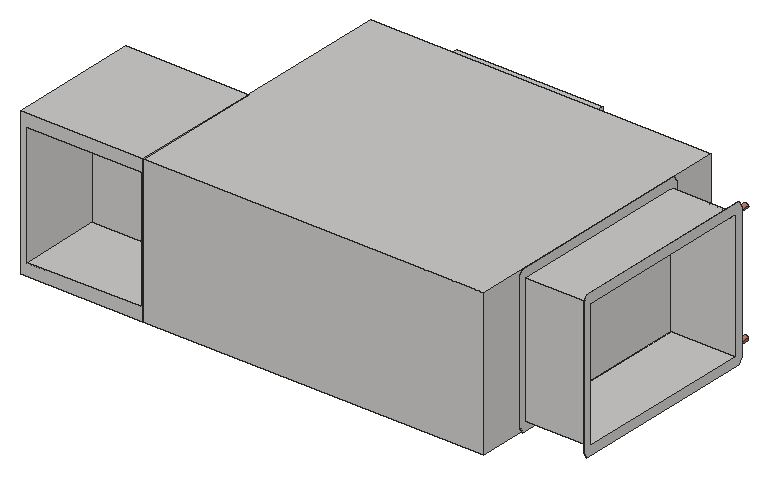
Revit family
Parameters
  Width = 3' - 3"
  Voltage = 277 V
  Unit Weight = if(Number of Rows = 1, "272.0 lbs", if(Number of Rows = 2, "277.0 lbs", "0"))  # "272.0 lbs"
  UltraLoc Liner = Choose Liner Option = 3  # no
  URL = "http://www.titus-hvac.com/"
  UL = "181"
  Supply Air Flow [instance] = 0 CFM
  SteriLoc Liner = Choose Liner Option = 2  # no
  Secondary Material = Copper Connectors
  Primary Air Pressure Drop [instance] = 0.00 in-wg
  Primary Air Flow [instance] = 0 CFM
  Pressure [instance] = 0.00 psi
  Plenum Air Pressure Drop [instance] = 0.00 in-wg
  Plenum Air Flow [instance] = 0 CFM
  Outlet Width = 2' - 1"
  Outlet Height = 1' - 5 1/2"
  Number of Rows = 1
  Number of Poles = 1
  Nominal Width = Width + 0' 6 1/4"  # 3' - 9 1/4"
  Nominal Length = Length + 1' 4 7/8" + 0' 9"  # 6' - 0 5/8"
  Nominal Inlet Size = 1' - 2"
  Nominal Height = 1' - 8"
  NFPA = "90A"
  Motor Full Load Amps [instance] = 3 A
  Model = "DTFS-F"
  Min. Air Flow = 0 CFM
  Max. Air Flow = 3000 CFM
  Material = Galvanized Steel
  Manufacturer = "Titus"
  Length = 3' - 10 3/4"
  Juction Box Offset = 0' - 6 7/8"
  Inlet Diameter = Nominal Inlet Size - 0' 0 1/8"  # 1' - 1 7/8"
  Induced Air Inlet Width = 1' - 4 7/8"
  Induced Air Inlet Offset = (Nominal Height - Induced Air Inlet Connection Height) / 2  # 0' - 1 11/16"
  Induced Air Inlet Height = 1' - 6 1/8"
  Induced Air Inlet Connection Width = 1' - 3 3/4"
  Induced Air Inlet Connection Height = 1' - 4 5/8"
  Induced Air Filter = no
  Heating Total Capacity [instance] = 0 Btu/h
  Heating Entering Water Temp = 0 °F
  Half Outlet Width = 1' - 0 1/2"
  Half Outlet Connection Width = Outlet Width / 2  # 1' - 0 1/2"
  Half Outlet Connection Height = Outlet Height / 2  # 0' - 8 3/4"
  Half Height Start = -(Nominal Height / 2)  # -0' - 10"
  Half Height End = Nominal Height / 2  # 0' - 10"
  HWC Option = HWC Section : D-E - 1 Row
  HWC Connector Radius = 5/16"
  HWC Connector Length = 0' - 3"
  HP-Motor = "1/3"
  Gallons Per Minute [instance] = 0 GPM
  Frequency = 60 Hz
  Flange Offset = 0' - 1 1/4"
  Filter Size = "18\"x17\""
  Fiber Free Liner = Choose Liner Option = 1  # no
  Fan Disconnect Switch = no
  Duct Radius = Nominal Inlet Size / 2  # 0' - 7"
  Description = "Ultra Quiet Series Fan Powered Terminal Unit, Direct Digital Control, Pressure Independent"
  Connector Vertical Offset = if(Number of Rows = 1, 1' 4 1/4", if(Number of Rows = 2, 1' 4 3/4", 0' 0"))  # 1' - 4 1/4"
  Connector Horizontal Offset = if(Number of Rows = 1, 0' 0", if(Number of Rows = 2, 0' 1", 0' 0"))  # 0' - 0"
  Connection Void Radius = Connection Radius - 0' 0 1/4"  # 0' - 6 11/16"
  Connection Radius = Inlet Diameter / 2  # 0' - 6 15/16"
  Choose Liner Option = 0
  CADworks URL = "www.CADworks.net"
  Assembly Code = "D3040100"
  Apparent Power [instance] = Voltage * Motor Full Load Amps  # 831 VA
  Air Inlet Offset = 0' - 10"
  1/2" Fiberglass Liner = Choose Liner Option = 0  # yes
  1" Fiberglass Liner = Choose Liner Option = 4  # no
Reference planes (in)
  plane 1 "Center (Front/Back)": y = 0
  plane 2: z = 0
  plane 3 "Center (Left/Right)": x = 3
  plane 4: x = -20.375
  plane 5: x = 26.375
  plane 6: x = -13.5
  plane 7: x = -23.75
  plane 8 "Center (Elevation)": z = 0
  plane 9: y = -19.5
  plane 10: y = 19.5
  plane 11: y = 9.5
  plane 12: y = -8.25
  plane 13: z = 0.6875
  plane 14: z = -6.875
  plane 15: x = 35.375
  plane 16: x = 34.375
  plane 17: x = 34.375
  plane 18: y = 15.5
  plane 19: z = -8.125
  plane 20: z = 8.125
  plane 21: y = -12.5
  plane 22: y = 12.5
  plane 23: y = 25.75
  plane 24: x = -37.25
  plane 25: z = 10
  plane 26: z = -10
Forms (in)
  Extrusion 1, solid, material "Galvanized Steel" <- "Material"
    sketch origin (0, 0, 0) x (1, 0, 0) y (0, 1, 0)
      loop
        line (-20.375, 19.5) -> (-20.375, -19.5) -> (26.375, -19.5) -> (26.375, 19.5) -> (-20.375, 19.5)
    from -10 <- "Half Height Start" to 10 <- "Half Height End"
  Extrusion 2, solid, material "Galvanized Steel" <- "Material"
    sketch origin (0, 0, 0) x (1, 0, 0) y (0, 1, 0)
      loop
        line (-37.25, -1.375) -> (-37.25, -19.5) -> (-20.375, -19.5) -> (-20.375, -1.375) -> (-37.25, -1.375)
    from -10 <- "Half Height Start" to 10 <- "Half Height End"
  Extrusion 3, void, detail levels fine
    sketch origin (0, -19.5, 0) x (1, 0, 0) y (0, 0, -1)
      loop
        line (-20.625, 8.3125) -> (-36.375, 8.3125) -> (-36.375, -8.3125) -> (-20.625, -8.3125) -> (-20.625, 8.3125)
    from 0 to 11.25
  Extrusion 4, solid, material "Galvanized Steel" <- "Material"
    sketch origin (3.125, 0, 0) x (1, 0, 0) y (0, 1, 0)
      loop
        line (-16.625, 19.5) -> (3.375, 19.5) -> (3.375, 25.75) -> (-16.625, 25.75) -> (-16.625, 19.5)
    from -6 to 6
  Extrusion 5, solid, material "Galvanized Steel" <- "Material"
    sketch origin (-24.875, -3, 0) x (0, 0, -1) y (0, 1, 0)
      loop
        circle (0, 12.5) r 6.9375
    from 1.125 to 4.5
  Extrusion 6, void, detail levels fine
    sketch origin (-24.875, 0, 0) x (0, 1, 0) y (0, 0, 1)
      loop
        circle (9.5, 0) r 6.6875
    from 1.125 to 11.375
  Extrusion 7, void, detail levels fine
    sketch origin (35.375, -12.5, 8.75) x (0, 0, 1) y (0, -1, 0)
      loop
        line (-17.5, 0) -> (-17.5, -25) -> (0, -25) -> (0, 0) -> (-17.5, 0)
    from -0.0625 to 0
  Extrusion 8, solid, material "Copper Connectors" <- "Secondary Material", detail levels fine
    sketch origin (0, 0, 0) x (1, 0, 0) y (0, 0, 1)
      loop
        circle (34.375, 8.125) r 0.3125
    from -15.5 to -12.5625
  Extrusion 9, solid, material "Copper Connectors" <- "Secondary Material", detail levels fine
    sketch origin (0, 0, 0) x (1, 0, 0) y (0, 0, 1)
      loop
        circle (34.375, -8.125) r 0.3125
    from -15.5 to -12.5625
Cuts and joins
  Extrusion 3 cuts Extrusion 2
  Extrusion 6 cuts Extrusion 1
  Extrusion 6 cuts Extrusion 5
Dimensions and locks (in)
  "Length": plane 5 to plane 4
  equal spacing: plane 5, plane 3 "Center (Left/Right)", plane 4
  locked: Extrusion 4 to Extrusion 4 at 20
  "Juction Box Offset": plane 6 to plane 4
  locked: plane 4 to plane 7 at 3.375
  "Width": plane 9 to plane 10
  equal spacing: plane 9, plane 1 "Center (Front/Back)", plane 10
  locked: Extrusion 5 sketch curve to level at 0
  locked: Extrusion 5 sketch curve to plane 11 at 0
  locked: Extrusion 6 sketch curve to level at 0
  locked: Extrusion 6 sketch curve to plane 11 at 0
  locked: Extrusion 4 to Extrusion 4 at 6.25
  locked: Extrusion 4 to Extrusion 4 at 12
  equal spacing: Extrusion 4, plane 8 "Center (Elevation)", Extrusion 4
  locked: plane 12 to plane 9 at 11.25
  "Air Inlet Offset": plane 10 to plane 11
  "Induced Air Inlet Height": cut or joined group of Extrusion 2, Extrusion 3 to cut or joined group of Extrusion 2, Extrusion 3
  locked: cut or joined group of Extrusion 5, Extrusion 6 to cut or joined group of Extrusion 5, Extrusion 6 at 3.375
  locked: plane 12 to plane 12 at 0
  "Induced Air Inlet Connection Height": Extrusion 3 sketch curve to Extrusion 3 sketch curve
  "Induced Air Inlet Offset": Extrusion 3 sketch curve to cut or joined group of Extrusion 2, Extrusion 3
  "Induced Air Inlet Connection Width": Extrusion 3 sketch curve to Extrusion 3 sketch curve
  locked: Extrusion 3 sketch curve to cut or joined group of Extrusion 1, Extrusion 6 at 0.25
  "Connector Vertical Offset": plane 20 to plane 19
  equal spacing: plane 20, plane 8 "Center (Elevation)", plane 19
  locked: plane 15 to plane 5 at 9
  locked: plane 15 to plane 16 at 1
  "Connector Horizontal Offset": plane 16 to plane 17
  locked: Extrusion 8 sketch curve to plane 17 at 0
  locked: Extrusion 8 sketch curve to plane 20 at 0
  locked: Extrusion 9 sketch curve to plane 16 at 0
  locked: Extrusion 9 sketch curve to plane 19 at 0
  "HWC Connector Length": plane 18 to plane 22
  locked: cut or joined group of Extrusion 1, Extrusion 6 to Extrusion 7 at 9
  locked: cut or joined group of Extrusion 2, Extrusion 3 to cut or joined group of Extrusion 2, Extrusion 3 at 16.875
  locked: cut or joined group of Extrusion 2, Extrusion 3 to cut or joined group of Extrusion 2, Extrusion 3 at 20
  equal spacing: cut or joined group of Extrusion 2, Extrusion 3, plane 8 "Center (Elevation)", cut or joined group of Extrusion 2, Extrusion 3
  locked: cut or joined group of Extrusion 1, Extrusion 6 to cut or joined group of Extrusion 1, Extrusion 6 at 20
  equal spacing: cut or joined group of Extrusion 1, Extrusion 6, plane 8 "Center (Elevation)", cut or joined group of Extrusion 1, Extrusion 6
  locked: nested 1 to cut or joined group of Extrusion 1, Extrusion 6 at 1.1875
  locked: cut or joined group of Extrusion 1, Extrusion 6 to nested 1 at 1.1875
  "Connection Radius": radius of Extrusion 5 sketch curve
  "Connection Void Radius": radius of Extrusion 6 sketch curve
  "HWC Connector Radius": radius of Extrusion 8 sketch curve
  "HWC Connector Radius": radius of Extrusion 9 sketch curve
  aligned and locked: plane 10 to Extrusion 4
  aligned and locked: plane 6 to Extrusion 4
  aligned and locked: plane 7 to cut or joined group of Extrusion 5, Extrusion 6
  aligned and locked: plane 18 to Extrusion 8
  aligned and locked: plane 18 to Extrusion 9
  aligned and locked: plane 9 to cut or joined group of Extrusion 2, Extrusion 3  (x3)
  aligned and locked: plane 5 to nested 1
  aligned and locked: plane 15 to nested 1
  aligned and locked: plane 18 to nested 1  (x2)
  aligned and locked: plane 21 to nested 1
  aligned and locked: plane 22 to nested 1
  aligned and locked: plane 5 to cut or joined group of Extrusion 1, Extrusion 6
  aligned and locked: cut or joined group of Extrusion 1, Extrusion 6 to nested 1
  aligned and locked: cut or joined group of Extrusion 1, Extrusion 6 to plane 10
  aligned and locked: Extrusion 4 to cut or joined group of Extrusion 1, Extrusion 6  (x2)
  aligned and locked: cut or joined group of Extrusion 1, Extrusion 6 to plane 4
  aligned and locked: plane 9 to cut or joined group of Extrusion 1, Extrusion 6
  aligned and locked: cut or joined group of Extrusion 5, Extrusion 6 to cut or joined group of Extrusion 1, Extrusion 6
  aligned and locked: nested 1 to cut or joined group of Extrusion 1, Extrusion 6
  aligned and locked: plane 6 to Extrusion 6
  aligned and locked: Extrusion 6 to plane 7
  aligned and locked: Extrusion 3 to plane 12
  aligned and locked: plane 23 to Extrusion 4
  aligned and locked: plane 24 to cut or joined group of Extrusion 2, Extrusion 3
  aligned and locked: plane 25 to cut or joined group of Extrusion 2, Extrusion 3
  aligned and locked: plane 26 to cut or joined group of Extrusion 2, Extrusion 3
  aligned and locked: plane 26 to cut or joined group of Extrusion 1, Extrusion 6
  aligned and locked: plane 25 to cut or joined group of Extrusion 1, Extrusion 6
Automatic sketch dimensions
  Extrusion 1 sketch curve to plane 4 = 0' - 0"
  Extrusion 1 sketch curve to plane 5 = 0' - 0"
  Extrusion 1 sketch curve to plane 9 = 0' - 0"
  Extrusion 1 sketch curve to plane 10 = 0' - 0"
  Extrusion 2 sketch curve to plane 4 = 0' - 0"
  Extrusion 2 sketch curve to plane 9 = 0' - 0"
  plane 1 "Center (Front/Back)" to Extrusion 2 sketch curve = 0' - 1 3/8"
  Extrusion 4 sketch curve to plane 6 = 0' - 0"
  Extrusion 4 sketch curve to plane 10 = 0' - 0"
  plane 3 "Center (Left/Right)" to Extrusion 4 sketch curve = 0' - 3 1/2"
  Extrusion 4 sketch curve to plane 10 = 0' - 6 1/4"
  Extrusion 2 sketch curve to plane 7 = 1' - 1 1/2"
  Extrusion 7 sketch curve to nested 1 = 0' - 0"  (x4)
Nested families (in)
  nested 1: "HWC Section" at (30.875, 0, 0) x (0, 1, 0) z (0, 0, 1), type <- "HWC Option", type "D-E - 1 Row"
Connectors (in)
  electrical at (-3.5, 25.75, 0), driven by "Apparent Power", driven by "Voltage", driven by "Number of Poles"
    settings: on Extrusion 4, index 8
  hvac at (-23.75, 9.5, 0), driven by "Duct Radius", driven by "Primary Air Pressure Drop", driven by "Primary Air Flow"
    settings: on cut or joined group of Extrusion 5, Extrusion 6, index 9
  hvac at (-28.5, -19.5, 0), driven by "Induced Air Inlet Connection Height", driven by "Induced Air Inlet Connection Width", driven by "Plenum Air Pressure Drop", driven by "Plenum Air Flow"
    settings: on cut or joined group of Extrusion 2, Extrusion 3, index 11
  hvac at (35.375, 0, 0), driven by "Outlet Height", driven by "Outlet Width", driven by "Supply Air Flow"
    settings: on Extrusion 7, index 12
  piping at (34.375, 15.5, 8.125), driven by "Gallons Per Minute", driven by "Pressure", driven by "HWC Connector Radius"
    settings: on Extrusion 8, index 13
  piping at (34.375, 15.5, -8.125), driven by "Gallons Per Minute", driven by "HWC Connector Radius", driven by "Pressure"
    settings: on Extrusion 9, index 14
Definition of nested family "HWC Section"
  Parameters (values of type "B-C - 1 Row")
    Visibility = yes
    Secondary Material = Copper Connectors
    Number of Rows = 1
    Material = Galvanized Steel
    Half Width = HWC Width / 2  # 0' - 10 1/4"
    Half Length-Start = -(HWC Length / 2)  # -0' - 4 1/2"
    Half Length-End = HWC Length / 2  # 0' - 4 1/2"
    HWC Connection Radius = 5/16"
    Flange Offset = 0' - 1"
    Duct Vertical Offset = HWC Height - 0' 0 1/2"  # 1' - 0"
    Duct Horizontal Offset = HWC Width - 0' 0 1/2"  # 1' - 8"
    Connector Vertical Offset = 0' - 11 3/4"
    HWC Width = 1' - 8 1/2"
    HWC Height = 1' - 0 1/2"
    HWC Length = 0' - 9"  # constant formula
    Gallons Per Minute = 0 GPM
    Connector Length = 0' - 3"
    Connector Horizontal Offset = 0' - 0"
  Types (5): name | Number of Rows | Half Width | Flange Offset | Duct Vertical Offset | Duct Horizontal Offset | Connector Vertical Offset | HWC Width | HWC Height | Connector Horizontal Offset
    (no name) | 1 | 0' - 10 1/4" | 0' - 1" | 1' - 0" | 1' - 8" | 0' - 11 3/4" | 1' - 8 1/2" | 1' - 0 1/2" | 0' - 0"
    B-C - 1 Row | 1 | 0' - 10 1/4" | 0' - 1" | 1' - 0" | 1' - 8" | 0' - 11 3/4" | 1' - 8 1/2" | 1' - 0 1/2" | 0' - 0"
    B-C - 2 Row | 2 | 0' - 10 1/4" | 0' - 1" | 1' - 0" | 1' - 8" | 0' - 11 3/4" | 1' - 8 1/2" | 1' - 0 1/2" | 0' - 1"
    D-E - 1 Row | 1 | 1' - 0 1/2" | 0' - 1 1/4" | 1' - 5" | 2' - 0 1/2" | 1' - 4 1/4" | 2' - 1" | 1' - 5 1/2" | 0' - 0"
    D-E - 2 Row | 2 | 1' - 0 1/2" | 0' - 1 1/4" | 1' - 5" | 2' - 0 1/2" | 1' - 4 3/4" | 2' - 1" | 1' - 5 1/2" | 0' - 1"
  Reference planes (in)
    plane 1 "Center (Front/Back)": y = 0
    plane 2: z = 0
    plane 3 "Center (Left/Right)": x = 0
    plane 4: x = -10.25
    plane 5: x = 10.25
    plane 6: y = 4.5
    plane 7: y = -4.5
    plane 8: z = 6.25
    plane 9: z = -6.25
    plane 10: z = 5.875
    plane 11: z = -5.875
    plane 12: y = 3.5
    plane 13: y = 3.5
    plane 14: x = 13.25
  Forms (in)
    Extrusion 1, solid, material "Galvanized Steel" <- "Material", visible <- "Visibility"
      sketch origin (0, 0, 0) x (1, 0, 0) y (0, 0, 1)
        loop
          line (-10.3125, 6.3125) -> (-10.3125, -6.3125) -> (10.3125, -6.3125) -> (10.3125, 6.3125) -> (-10.3125, 6.3125)
      from -4.375 <- "Half Length-Start" to 4.5 <- "Half Length-End"
    Extrusion 2, void, detail levels fine
      sketch origin (0, 0, 0) x (1, 0, 0) y (0, 0, 1)
        loop
          line (-10.25, -6.25) -> (10.25, -6.25) -> (10.25, 6.25) -> (-10.25, 6.25) -> (-10.25, -6.25)
      from -4.5 <- "Half Length-Start" to 4.5 <- "Half Length-End"
    Extrusion 3, solid, material "Copper Connectors" <- "Secondary Material", visible <- "Visibility"
      sketch origin (6, 2.625, 0) x (0, 1, 0) y (0, 0, 1)
        loop
          circle (0.875, -5.875) r 0.3125
      from 4.3125 to 7.25
    Extrusion 4, solid, material "Galvanized Steel" <- "Material", visible <- "Visibility"
      sketch origin (0, -4.375, 0) x (1, 0, 0) y (0, 0, 1)
        loop
          line (-10.25, 6.25) -> (-10.25, -6.25) -> (10.25, -6.25) -> (10.25, 6.25) -> (-10.25, 6.25)
        loop
          line (-11.25, 6.75) -> (-11.25, -6.75) -> (-10.75, -7.25) -> (10.75, -7.25) -> (11.25, -6.75) -> (11.25, 6.75) -> (10.75, 7.25) -> (-10.75, 7.25) -> (-11.25, 6.75)
      from 0 to 0.125
    Extrusion 5, solid, material "Copper Connectors" <- "Secondary Material", visible <- "Visibility"
      sketch origin (6, -0.5, 0) x (0, 1, 0) y (0, 0, 1)
        loop
          circle (4, 5.875) r 0.3125
      from 4.3125 to 7.25
    Extrusion 6, solid, material "Galvanized Steel" <- "Material", visible <- "Visibility"
      sketch origin (0, 4.375, 0) x (1, 0, 0) y (0, 0, -1)
        loop
          line (-10.25, -6.25) -> (10.25, -6.25) -> (10.25, 6.25) -> (-10.25, 6.25) -> (-10.25, -6.25)
        loop
          line (-11.25, -6.75) -> (-10.75, -7.25) -> (10.75, -7.25) -> (11.25, -6.75) -> (11.25, 6.75) -> (10.75, 7.25) -> (-10.75, 7.25) -> (-11.25, 6.75) -> (-11.25, -6.75)
      from 0 to 0.125
  Cuts and joins
    Extrusion 2 cuts Extrusion 1
    joined: Extrusion 1, Extrusion 4, Extrusion 6
  Dimensions and locks (in)
    "HWC Width": plane 4 to plane 5
    equal spacing: plane 4, plane 3 "Center (Left/Right)", plane 5
    "HWC Height": plane 8 to plane 9
    equal spacing: plane 8, plane 2, plane 9
    equal spacing: plane 10, plane 2, plane 11
    locked: plane 12 to plane 6 at 1
    "Connector Horizontal Offset": plane 13 to plane 12
    locked: plane 7 to Extrusion 4 at 0.125
    locked: Extrusion 6 to plane 6 at 0.125
    locked: plane 4 to Extrusion 1 sketch curve at 0.0625
    locked: Extrusion 4 to Extrusion 1 sketch curve at 0.0625
    locked: Extrusion 1 sketch curve to plane 8 at 0.0625
    locked: plane 9 to Extrusion 1 sketch curve at 0.0625
    "Connector Length": plane 5 to plane 14
    "HWC Length": plane 6 to plane 7
    equal spacing: plane 6, plane 1 "Center (Front/Back)", plane 7
    "Connector Vertical Offset": plane 10 to plane 11
    equal spacing: plane 10, level, plane 11
    "HWC Width": Extrusion 4 sketch curve to Extrusion 4 sketch curve
    equal spacing: Extrusion 4 sketch curve, plane 3 "Center (Left/Right)", Extrusion 4 sketch curve
    "HWC Height": Extrusion 4 sketch curve to Extrusion 4 sketch curve
    equal spacing: Extrusion 4 sketch curve, plane 2, Extrusion 4 sketch curve
    locked: cut or joined group of Extrusion 1, Extrusion 2, Extrusion 4, Extrusion 6 to plane 4 at 1  (x2)
    locked: cut or joined group of Extrusion 1, Extrusion 2, Extrusion 4, Extrusion 6 to plane 5 at 1  (x2)
    "HWC Width": Extrusion 6 sketch curve to Extrusion 6 sketch curve
    "HWC Height": Extrusion 6 sketch curve to Extrusion 6 sketch curve
    equal spacing: Extrusion 6 sketch curve, plane 3 "Center (Left/Right)", Extrusion 6 sketch curve
    equal spacing: Extrusion 6 sketch curve, plane 2, Extrusion 6 sketch curve
    "HWC Height": Extrusion 2 sketch curve to Extrusion 2 sketch curve
    "HWC Width": Extrusion 2 sketch curve to Extrusion 2 sketch curve
    equal spacing: Extrusion 2 sketch curve, plane 3 "Center (Left/Right)", Extrusion 2 sketch curve
    equal spacing: Extrusion 2 sketch curve, plane 2, Extrusion 2 sketch curve
    locked: plane 5 to Extrusion 3 at 0.0625
    locked: plane 5 to Extrusion 5 at 0.0625
    "Flange Offset": cut or joined group of Extrusion 1, Extrusion 2, Extrusion 4, Extrusion 6 to plane 8
    "Flange Offset": plane 9 to cut or joined group of Extrusion 1, Extrusion 2, Extrusion 4, Extrusion 6
    "Flange Offset": plane 8 to cut or joined group of Extrusion 1, Extrusion 2, Extrusion 4, Extrusion 6
    "Flange Offset": cut or joined group of Extrusion 1, Extrusion 2, Extrusion 4, Extrusion 6 to plane 9
    "HWC Connection Radius": radius of Extrusion 3 sketch curve
    "HWC Connection Radius": radius of Extrusion 5 sketch curve
    aligned and locked: plane 7 to Extrusion 4
    aligned and locked: plane 6 to Extrusion 6
    aligned and locked: plane 14 to Extrusion 5
    aligned and locked: plane 14 to Extrusion 3
    aligned and locked: Extrusion 6 to cut or joined group of Extrusion 1, Extrusion 2, Extrusion 4, Extrusion 6
    aligned and locked: Extrusion 4 to Extrusion 4
  Automatic sketch dimensions
    Extrusion 3 sketch curve to plane 11 = 0' - 0"
    Extrusion 3 sketch curve to plane 12 = 0' - 0"
    Extrusion 5 sketch curve to plane 10 = 0' - 0"
    Extrusion 5 sketch curve to plane 13 = 0' - 0"
    plane 4 to Extrusion 6 sketch curve = 0' - 1"
    plane 4 to Extrusion 6 sketch curve = 0' - 0 1/2"  (x2)
    Extrusion 6 sketch curve to plane 5 = 0' - 0 1/2"  (x2)
    Extrusion 6 sketch curve to Extrusion 6 sketch curve = 0' - 0 1/2"  (x3)
    plane 8 to Extrusion 6 sketch curve = 0' - 0 1/2"  (x2)
    Extrusion 6 sketch curve to plane 9 = 0' - 0 1/2"  (x2)
    plane 4 to Extrusion 4 sketch curve = 0' - 0 1/2"  (x2)
    Extrusion 4 sketch curve to Extrusion 4 sketch curve = 0' - 0 1/2"  (x4)
    Extrusion 4 sketch curve to plane 5 = 0' - 0 1/2"  (x2)
    Extrusion 4 sketch curve to plane 9 = 0' - 0 1/2"  (x2)
    plane 8 to Extrusion 4 sketch curve = 0' - 0 1/2"  (x2)
